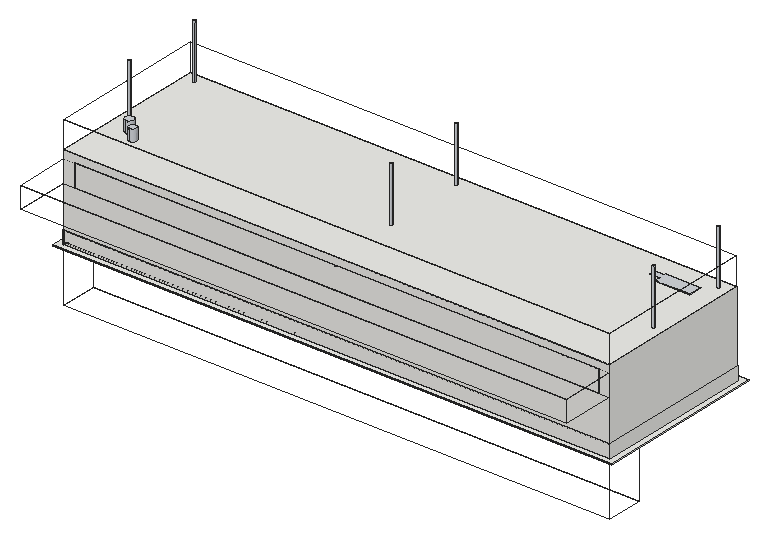
Revit family "AIRTECNICS_AIR CURTAIN_RECESSED DAM_DX_(MIDEA)123", category Equipos mecánicos, Revit 2016
Family settings
  Tipo de pieza = Normal
  Cota de conector redondo = Diámetro de uso
  Número OmniClass = 23.75.70.21.17
  Título OmniClass = Air Curtains
  Se basa en plano de trabajo = No
  Siempre vertical = Sí
  Corte con vacíos al cargar = No
  Compartido = No
  Punto de cálculo de habitación = No
Parameters (values of type "RDAM ECM 2000 DX16-MD")
  · PIPES POSITION · [instance] = "-/ Select Pipes Position /-"  # constant formula
  · OTHERS · [instance] = "-/ Select Supports - Inst.Maint. Space /-"  # constant formula
  · HEATING · = "-/ Heating /-"  # constant formula
  · EXTERNAL UNIT · [instance] = "-/ External Unit Type /-"  # constant formula
  · COIL ROWS · = "-/ DX Coil Rows /-"  # constant formula
  Weight [instance] = size_lookup(Name_Lookup_Data, "Weight", 1.00 kg, CM, CT, CH, CR)  # 95.00 kg
  WAn [instance] = 90.00°  # constant formula
  Voltage [instance] = 230 V  # constant formula
  URL_Manufacturer = "https://www.airtecnics.com"
  URL_Datasheet = "https://www.airtecnics.com/download/file/5881/recessed-dam-dx-midea-1-1.pdf"
  Triple Phase (External Ut.) [instance] = yes
  Supports Length [instance] = 200.0 mm
  Supports (Horizontal) [instance] = yes
  Single Phase (External Ut.) [instance] = not([Triple Phase (External Ut.)])  # no
  Revit Version = "Revit 2016 - English"  # constant formula
  Review Date = "11/18"  # constant formula
  Remote Control = "AIR-IR"  # constant formula
  Refrigerant Pipes_P4 [instance] = no
  Refrigerant Pipes_P3 [instance] = no
  Refrigerant Pipes_P2 [instance] = if(CW = 0, 1 = 1, 1 = 0)  # yes
  Refrigerant Pipes_P1 [instance] = no
  Product Size = if(CT = 2, "1000", if(CT = 4, "1500", if(CT = 8, "2000", if(CT = 16, "2500", if(CT = 32, "3000", "Consult Manufacturer")))))  # "2000"
  Product Reference [instance] = size_lookup(Name_Lookup_Ref, "", "Consult Manufacturer", CM, CT, CH, CR)  # "RDAM ECM 2000 DX16-MD"
  Product Heating [instance] = "Direct Expansion 1:1 system"  # constant formula
  Product Description [instance] = size_lookup(Name_Lookup_Data, "", "Consult Manufacturer", CM, CT, CH, CR)  # "Compact and low profile recessed air curtain with full grille view and energy savings heat pump: Up to 70% reduction in costs and CO2 emissions (heating mode).\r\nSelf-supporting casing construction made of galvanized steel plate, ready to be installed recessed in a false ceiling. \r\nInlet grille (free of maintenance) made with aluminium profiles and blow-out nozzle, integrated in a single white frame colour RAL 9016. Other colours are available on request. \r\nDouble-inlet centrifugal fans driven by an external rotor motor and low noise level. 5-speed selector. EC models assembled with very low consumption efficiency fans. \r\nIncludes only heating direct expansion coil with installed temperature sensors. Under request it can be modified to work in cooling and heating mode (not recomended) with optional condensate water pump.\r\nIncludes Plug&Play control with 7m RJ45 cable and infrared remote control. \r\nReady to connect to MIDEA Inverter outdoor heat pump unit (R410A) with expansion valve, not included, the customer should purchase it.\r\nRequires MIDEA DX Interface KIT adapted for air curtain and KJR-86C-E programmable control, please consult.\r\nAir Volume: 3280 m3/h \r\nFans:  0,284 kW  2,48 A 230Vx1 50/60Hz\r\nHeating capacity: 16,10 kW\r\nDimensions: 627x310x2048 mm (depth, height, length)\r\nNOT SUPPLIED BY AIRTÈCNICS:\r\nMIDEA Interface DX kit and KJR-86C-E programmable control.\r\nExternal unit:\r\nOption 1: MOD30U-48HFN1-QRD0\r\nExternal unit with direct expansion valve Midea, single phase motor 230Vx1 50Hz.\r\nHeating capacity 16,1kW. Heating power: 4,4kW. COP 3,65.\r\nCooling capacity 14,1kW. Cooling power 5,1kW. EER 2,76.\r\nCooling circuits 5/8\" - 3/8\".\r\nMaximum length 65m.\r\nMaximum slope 30m.\r\nOption 2: MOD30U-48HFN1-RRD0\r\nExternal unit with direct expansion valve Midea, triple phase motor 400Vx3 50Hz.\r\nHeating capacity 16,1kW. Heating power: 4,4kW. COP 3,65.\r\nCooling capacity 14,1kW. Cooling power 5,1kW. EER 2,76.\r\nCooling circuits 5/8\" - 3/8\".\r\nMaximum length 65m.\r\nMaximum slope 30m."
  Power Fans Factor [instance] = size_lookup(Name_Lookup_Data, "Power Fans Factor", 1, CM, CT, CH, CR)  # 0.5
  Power Fans [instance] = size_lookup(Name_Lookup_Data, "Power Fans", 1 kW, CM, CT, CH, CR)  # 0.284 kW
  Noise Level (dB(A)) [instance] = size_lookup(Name_Lookup_Data, "Noise Level (dB(A))", 1, CM, CT, CH, CR)  # 58
  Name_Lookup_Ref_EU = "R_DAM_(DX)_MD_Ref_EU_Lookup"  # constant formula
  Name_Lookup_Ref = "R_DAM_(DX)_MD_Ref_Lookup"  # constant formula
  Name_Lookup_Data3 = "R_DAM_(DX)_MD_ExpValve_Lookup"  # constant formula
  Name_Lookup_Data2 = "R_DAM_(DX)_MD_Mainfolds_Lookup"  # constant formula
  Name_Lookup_Data = "R_DAM_(DX)_MD_Data_Lookup"  # constant formula
  Material Curtain [instance] = AIRTECNICS_White RAL 9016
  Mainfolds [instance] = size_lookup(Name_Lookup_Data2, "", "Consult Manufacturer", CM, CT, CH, CR)  # "5/8 & 3/8"
  M = yes
  Li1 = 130.0 mm  # constant formula
  Length = L + 48.0 mm + Depth - Depth  # 2048.0 mm
  IfcExportType = "DXCOOLINGCOIL"  # constant formula
  IfcExportAs = "IfcCoilType"  # constant formula
  Height = 310.0 mm  # constant formula
  Heating Capacity [instance] = size_lookup(Name_Lookup_Data, "Heating Capacity", 1 kW, CM, CT, CH, CR)  # 16.1 kW
  Gas Coil Volume [instance] = size_lookup(Name_Lookup_Data, "Gas Coil Volume", 1.00 L, CM, CT, CH, CR)  # 3.10 L
  G = not(M)  # no
  Frequency = 50 Hz  # constant formula
  Fans Stage = 5  # constant formula
  Family Version = "1.0"  # constant formula
  External Ut. Reference [instance] = size_lookup(Name_Lookup_Ref_EU, "", "Consult Manufacturer", CM, CT, CH, CR, CEU)  # "MOD30U-48HFN1-RRD0"
  Expansion Valve [instance] = size_lookup(Name_Lookup_Data3, "", "Consult Manufacturer", CM, CT, CH, CR)  # "Included on External Unit"
  EC = 1 = 1  # yes
  Dn_Metric_Refrig_Liquid [instance] = size_lookup(Name_Lookup_Data2, "Dn_Liquid", 1 mm, CM, CT, CH, CR)  # 10 mm
  Dn_Metric_Refrig_Gas [instance] = size_lookup(Name_Lookup_Data2, "Dn_Gas", 1 mm, CM, CT, CH, CR)  # 16 mm
  Depth = 627.0 mm  # constant formula
  DX Kit [instance] = "Duct electronic Control Box"  # constant formula
  DX Controller [instance] = "KJR-86C-E"  # constant formula
  DX Coil Rows = 4 = no
  DX Coil Rows = 3 = not([DX Coil Rows = 4])  # yes
  DX Coil Rows [instance] = if(CR = 2, 4, if(CR = 4, 3, if(CR = 0, 2, 0)))  # 3
  DX 1:1 = yes
  Current Fans [instance] = size_lookup(Name_Lookup_Data, "Current Fans", 1 A, CM, CT, CH, CR)  # 2.48 A
  Created by = "BIMETRICAL"  # constant formula
  Control [instance] = "CD-5AW-IR"  # constant formula
  Capacity_Frig_Liquid [instance] = 0 m³/h
  Capacity_Frig_Gas [instance] = 0 m³/h
  Cable = "CB7"  # constant formula
  URL = "https://www.airtecnics.com/products/heat-pump-air-curtain-recessed-dam-dx-for-midea"
  Modelo = "Air Curtain Recessed DAM DX MD"  # constant formula
  L = 2000.0 mm
  Imagen de tipo = <Ninguno>
  Fabricante = "AIRTECNICS"  # constant formula
  Description = ""
  Comentarios de tipo = "Compact and low profile recessed air curtain with full grille view and energy savings heat pump: Up to 70% reduction in costs and CO2 emissions (heating mode).\r\nSelf-supporting casing construction made of galvanized steel plate, ready to be installed recessed in a false ceiling. \r\nInlet grille (free of maintenance) made with aluminium profiles and blow-out nozzle, integrated in a single white frame colour RAL 9016. Other colours are available on request. \r\nDouble-inlet centrifugal fans driven by an external rotor motor and low noise level. 5-speed selector. EC models assembled with very low consumption efficiency fans. \r\nIncludes only heating direct expansion coil with installed temperature sensors. Under request it can be modified to work in cooling and heating mode (not recomended) with optional condensate water pump.\r\nIncludes Plug&Play control with 7m RJ45 cable and infrared remote control. \r\nReady to connect to MIDEA Inverter outdoor heat pump unit (R410A) with expansion valve, not included, the customer should purchase it.\r\nRequires  DX Interface KIT adapted for air curtain and  programmable control, please consult."  # constant formula
  CW [instance] = if(Refrigerant Pipes_P1, 2, 0) + if(Refrigerant Pipes_P3, 4, 0) + if(Refrigerant Pipes_P4, 8, 0)  # 0
  CT = if(L = 1000.0 mm, 2, 0) + if(L = 1500.0 mm, 4, 0) + if(L = 2000.0 mm, 8, 0) + if(L = 2500.0 mm, 16, 0) + if(L = 3000.0 mm, 32, 0)  # 8
  CR [instance] = if([DX Coil Rows = 4], 2, 0) + if([DX Coil Rows = 3], 4, 0)  # 4
  CM = if(M, 2, 0) + if(EC, 4, 0) + if(G, 8, 0)  # 6
  CH [instance] = 2  # constant formula
  CEU [instance] = if([Single Phase (External Ut.)], 2, 0) + if([Triple Phase (External Ut.)], 4, 0)  # 4
  BIMETRICAL Category = "Coil"  # constant formula
  BIMETRICAL = "http://www.bimetrical.com/"  # constant formula
  Aspiration/Maintenance Space [instance] = yes
  Apparent Load [instance] = size_lookup(Name_Lookup_Data, "Apparent Load", 1 VA, CM, CT, CH, CR)  # 568 VA
  Airflow [instance] = size_lookup(Name_Lookup_Data, "Airflow", 1 m³/h, CM, CT, CH, CR)  # 3280 m³/h
Reference planes
  plane 1 "Centro (Frontal/Posterior)": z = 0
  plane 2: y = 246.57
  plane 3 "Centro (Izquierda/Derecha)": x = 0
Nested families
  nested 1: "GEOM_RECESSED DAM_(DX)" at (0, 246.57, -2) x (-1, 0, 0) z (0, 0, 1), P1 <- "Refrigerant Pipes_P1", P3 <- "Refrigerant Pipes_P3", P4 <- "Refrigerant Pipes_P4", type "BASE"
    with VAMP4 no, VAMP1 no, P4 no, P3 no, P2 yes, P1 no, C_P 2, C_L 4, CH_4 398.5 mm, CH_3 218.8 mm, CH_2 99.5 mm, CH_1 91.2 mm, CC_4 431.5 mm, CC_3 33.0 mm, CC_2 137.5 mm, CC_1 277.2 mm, AH 90.00°, AC 90.00°, N 9, L3 238.5 mm, L2 40.0 mm, L1 2048.0 mm, L 2000.0 mm, C 238.88 mm, A1 1938.0 mm
Connectors
  electrical at (819.129, 446.424, 309), driven by "Voltage", driven by "Apparent Load", driven by "Power Fans Factor"
    settings: on nested 1, index 1, voltage 230 V, apparent load 568 VA, apparent load phase1 0 VA, apparent load phase2 0 VA, apparent load phase3 0 VA, power factor 0.5, load classification "HVAC", number of poles 1, system type 30, power factor state 1, is connector primary yes, connector utility no, sub classification motor no, connector description ""
  piping at (-924, 161.57, 348), diameter 16, driven by "Capacity_Frig_Gas", driven by "Dn_Metric_Refrig_Gas"
    settings: on nested 1, index 2, connector inside diameter 609.6 mm, connector length 0.0 mm, flow factor 0, pipe flow 0 m³/h, pressure drop 0.0 Pa, fitting loss kfactor 0, connector angle 0.00°, fixture units 0, engagement length 0.0 mm, angle of deflection 0.00°, flow configuration 1, flow direction 1, fitting loss method 0, system type 7, joint type 0, gender type 0, connector reference index -1, connector utility 0, adjustable connector no, is connector primary yes, connector description "In"
  piping at (-886, 128.57, 348.2), diameter 10, driven by "Capacity_Frig_Liquid", driven by "Dn_Metric_Refrig_Liquid"
    settings: on nested 1, index 3, connector inside diameter 609.6 mm, connector length 0.0 mm, flow factor 0, pipe flow 0 m³/h, pressure drop 0.0 Pa, fitting loss kfactor 0, connector angle 0.00°, fixture units 0, engagement length 0.0 mm, angle of deflection 0.00°, flow configuration 1, flow direction 2, fitting loss method 0, system type 8, joint type 0, gender type 0, connector reference index -1, connector utility 0, adjustable connector no, is connector primary no, connector description "Out"
Definition of nested family "GEOM_RECESSED DAM_(DX)"
  Parameters (values of type "BASE")
    VSUP2 = if(and(Supports Length > 0.0 mm, L > 1000.0 mm, [Supports (Horizontal)]), 1 = 1, 1 = 0)  # yes
    VSUP1 = if(and(Supports Length > 0.0 mm, [Supports (Horizontal)]), 1 = 1, 1 = 0)  # yes
    VAMP4 [instance] = if(and(P, P4, [Aspiration/Maintenance Space]), 1 = 1, 1 = 0)  # no
    VAMP1 [instance] = if(and(P, P1, [Aspiration/Maintenance Space]), 1 = 1, 1 = 0)  # no
    Supports Length = 200.0 mm
    Supports (Horizontal) = yes
    Revit Version = "Revit 2016 - English"  # constant formula
    Review Date = "11/2018"  # constant formula
    P4 [instance] = no
    P3 [instance] = yes
    P2 [instance] = not(or(P1, P3, P4))  # no
    P1 [instance] = no
    P = 1 = 1  # yes
    Name_CH = "CH_Dimensions_LookupDX"  # constant formula
    Name_CC = "CC_Dimensions_LookupDX"  # constant formula
    N = if(L = 1000.0 mm, 5, if(L = 1500.0 mm, 7, if(L = 2000.0 mm, 9, 11)))  # 7
    Model = "RECESSED DAM (DX)"  # constant formula
    Material Curtain = none
    Manufacturer = "AIRTECNICS"  # constant formula
    L_sup = if(Supports Length = 0.0 mm, 1.0 mm, Supports Length)  # 200.0 mm
    L3 = if(L = 1000.0 mm, 227.0 mm, if(L = 1500.0 mm, 234.8 mm, if(L = 2000.0 mm, 238.5 mm, 240.8 mm)))  # 234.8 mm
    L2 = if(L = 1000.0 mm, 51.75 mm, if(L = 1500.0 mm, 46.75 mm, if(L = 2000.0 mm, 40.0 mm, 49.5 mm)))  # 46.75 mm
    L1 = L + 48.0 mm  # 1548.0 mm
    L = 1500.0 mm
    Family Version = "1.0"  # constant formula
    Created by = "BIMETRICAL"  # constant formula
    C_P [instance] = if(P1, 1, 0) + if(P2, 2, 0) + if(P3, 4, 0) + if(P4, 8, 0)  # 4
    C_L [instance] = if(L = 1500.0 mm, 2, 0) + if(L = 2000.0 mm, 4, 0) + if(L = 2500.0 mm, 8, 0)  # 2
    CH_4 [instance] = size_lookup(Name_CH, "CH_4", 398.5 mm, C_L, C_P)  # 398.5 mm
    CH_3 [instance] = size_lookup(Name_CH, "CH_3", 218.8 mm, C_L, C_P)  # 33.0 mm
    CH_2 [instance] = size_lookup(Name_CH, "CH_2", 100.5 mm, C_L, C_P)  # 1409.5 mm
    CH_1 [instance] = size_lookup(Name_CH, "CH_1", 91.2 mm, C_L, C_P)  # 277.2 mm
    CC_4 [instance] = size_lookup(Name_CC, "CC_4", 431.5 mm, C_L, C_P)  # 431.5 mm
    CC_3 [instance] = size_lookup(Name_CC, "CC_3", 33.0 mm, C_L, C_P)  # 218.8 mm
    CC_2 [instance] = size_lookup(Name_CC, "CC_2", 138.5 mm, C_L, C_P)  # 1447.5 mm
    CC_1 [instance] = size_lookup(Name_CC, "CC_1", 277.2 mm, C_L, C_P)  # 91.2 mm
    C = if(L = 1000.0 mm, 227.75 mm, if(L = 1500.0 mm, 235.1 mm, 238.88 mm))  # 235.1 mm
    BIMETRICAL = "http://www.bimetrical.com/"  # constant formula
    B1 = 1.5 mm
    B = 1.0 mm
    Aspiration/Maintenance Space = yes
    AH [instance] = size_lookup(Name_CH, "AH", 90.00°, C_L, C_P)  # 90.00°
    AC [instance] = size_lookup(Name_CC, "AC", 90.00°, C_L, C_P)  # 90.00°
    A1 = L - 62.0 mm  # 1438.0 mm
    A = 197.8 mm
  Reference planes
    plane 1 "Centro (Frontal/Posterior)": y = 0
    plane 2: z = 0
    plane 3 "Centro (Izquierda/Derecha)": x = 0
    plane 4: y = 313.5
    plane 5: y = -313.5
    plane 6: y = 290
    plane 7: y = -290
    plane 8: z = 310
    plane 9: z = 50
    plane 10: z = 2
    plane 11: x = -773.5
    plane 12: x = -750
    plane 13: x = 773.5
    plane 14: x = 750
    plane 15: y = -256
    plane 16: y = 41
    plane 17: x = -710
    plane 18: x = 710
    plane 19: y = 41
    plane 20: y = -256
    plane 21: y = 170
    plane 22: z = 25
    plane 23: z = 17
    plane 24: x = -707.5
    plane 25: x = -703.5
    plane 26: x = -705.5
    plane 27: x = -472.7
    plane 28: x = -468.7
    plane 29: x = -470.7
    plane 30: x = -237.9
    plane 31: x = -233.9
    plane 32: x = -235.9
    plane 33: x = -3.1
    plane 34: x = 0.9
    plane 35: x = -1.1
    plane 36: x = 231.7
    plane 37: x = 235.7
    plane 38: x = 233.7
    plane 39: x = 773.5
    plane 40: x = -674
    plane 41: x = -636
    plane 42: y = 85
    plane 43: y = 118
    plane 44: z = 91.2
    plane 45: z = 277.2
    plane 46: x = 466.5
    plane 47: x = 470.5
    plane 48: x = 468.5
    plane 49: x = 701.3
    plane 50: x = 705.3
    plane 51: x = 703.3
  Forms (mm)
    Sweep 1, solid, material <- "Material Curtain"
      path origin (0, 0, 0) x (1, 0, 0) y (0, 1, 0)
        loop
          line (-773.5, 313.5) -> (-773.5, -313.5) -> (773.5, -313.5) -> (773.5, 313.5) -> (-773.5, 313.5)
      profile origin (-773.5, 0, 0) x (-1, 0, 0) y (0, 0, 1)
        loop
          line (0, 0) -> (0, 2) -> (-22, 2) -> (-22, 50) -> (-23.5, 50) -> (-23.5, 0) -> (0, 0)
    Extrusion 2, solid, material <- "Material Curtain"
      sketch origin (0, 0, 0) x (1, 0, 0) y (0, 1, 0)
        loop
          line (-750, 290) -> (-750, -290) -> (750, -290) -> (750, 290) -> (-750, 290)
      from 50 to 310
    Extrusion 3, solid, visible <- "VSUP1"
      sketch origin (-1376.546, -1524, 310) x (-1, 0, 0) y (0, -1, 0)
        loop
          circle (-666.546, -1565) r 4
        loop
          circle (-666.546, -1268) r 4
        loop
          circle (-2086.546, -1268) r 4
        loop
          circle (-2086.546, -1565) r 4
      from -1 to 200
    Extrusion 4, solid, visible <- "VSUP2"
      sketch origin (-1376.546, -1524, 310) x (-1, 0, 0) y (0, -1, 0)
        loop
          circle (-1376.546, -1565) r 4
        loop
          circle (-1376.546, -1268) r 4
      from 0 to 200
    Extrusion 5, void
      sketch origin (-1802.24, 290, 1200) x (-1, 0, 0) y (0, 0, 1)
        loop
          line (-2505.49, -918.496) -> (-2505.49, -998.496) -> (-1802.24, -998.496) -> (-1098.99, -998.496) -> (-1098.99, -918.496) -> (-1802.24, -918.496) -> (-2505.49, -918.496)
      from 0 to -5
    Extrusion 6, solid
      sketch origin (-1802.24, 290, 1200) x (-1, 0, 0) y (0, 0, 1)
        loop
          line (-2505.49, -918.496) -> (-2505.49, -998.496) -> (-1802.24, -998.496) -> (-1098.99, -998.496) -> (-1098.99, -918.496) -> (-1802.24, -918.496) -> (-2505.49, -918.496)
      from 0 to -1
    Extrusion 7, solid, material <- "Material Curtain"
      sketch origin (500, 0, 0) x (1, 0, 0) y (0, 1, 0)
        loop
          line (-1203.5, 286.998) -> (-1207.5, 286.998) -> (-1207.5, -287.002) -> (-1203.5, -287.002) -> (-1203.5, 286.998)
      from 17 to 25
    Extrusion 8, solid, material <- "Material Curtain"
      sketch origin (734.8, 0, 0) x (1, 0, 0) y (0, 1, 0)
        loop
          line (-1203.5, 286.998) -> (-1207.5, 286.998) -> (-1207.5, -287.002) -> (-1203.5, -287.002) -> (-1203.5, 286.998)
      from 17 to 25
    Extrusion 9, solid, material <- "Material Curtain"
      sketch origin (969.6, 0, 0) x (1, 0, 0) y (0, 1, 0)
        loop
          line (-1203.5, 286.998) -> (-1207.5, 286.998) -> (-1207.5, -287.002) -> (-1203.5, -287.002) -> (-1203.5, 286.998)
      from 17 to 25
    Extrusion 10, solid, material <- "Material Curtain"
      sketch origin (1204.4, 0, 0) x (1, 0, 0) y (0, 1, 0)
        loop
          line (-1203.5, 286.998) -> (-1207.5, 286.998) -> (-1207.5, -287.002) -> (-1203.5, -287.002) -> (-1203.5, 286.998)
      from 17 to 25
    Extrusion 11, solid, material <- "Material Curtain"
      sketch origin (1439.2, 0, 0) x (1, 0, 0) y (0, 1, 0)
        loop
          line (-1203.5, 286.998) -> (-1207.5, 286.998) -> (-1207.5, -287.002) -> (-1203.5, -287.002) -> (-1203.5, 286.998)
      from 17 to 25
    Extrusion 12, solid, visible <- "P"
      sketch origin (-637.077, 82.636, 310.2) x (0, -1, 0) y (1, 0, 0)
        loop
          circle (-2.364, 1.077) r 15.5
      from 0 to 40
    Extrusion 13, solid, visible <- "P"
      sketch origin (-673.438, 119.477, 310) x (0, -1, 0) y (1, 0, 0)
        loop
          circle (1.477, -0.562) r 13.5
      from 0 to 40
    Extrusion 14, solid
      sketch origin (-1376.546, -1524, 310) x (-1, 0, 0) y (0, -1, 0)
        loop
          line (-830.042, -1353.296) -> (-702.542, -1353.296) -> (-702.542, -1303.996) -> (-830.042, -1303.996) -> (-830.042, -1307.996) -> (-867.042, -1307.996) -> (-867.042, -1331.296) -> (-830.042, -1331.296) -> (-830.042, -1353.296)
      from 0 to 1
    Extrusion 15, solid, visible <- "VAMP1"
      sketch origin (750, 311.264, 1200) x (0, 1, 0) y (0, 0, -1)
        loop
          line (-601.264, 890) -> (-21.264, 890) -> (-21.264, 1150) -> (-601.264, 1150) -> (-601.264, 890)
      from 0 to -100
    Extrusion 16, solid, visible <- "VAMP4"
      sketch origin (-750, 311.264, 1200) x (0, 1, 0) y (0, 0, 1)
        loop
          line (-601.264, -890) -> (-601.264, -1150) -> (-21.264, -1150) -> (-21.264, -890) -> (-601.264, -890)
      from 0 to -100
    Extrusion 17, solid, visible <- "Aspiration/Maintenance Space"
      sketch origin (-1802.24, 290, 1200) x (-1, 0, 0) y (0, 0, 1)
        loop
          line (-2552.24, -918.496) -> (-2552.24, -998.496) -> (-1052.24, -998.496) -> (-1052.24, -918.496) -> (-2552.24, -918.496)
      from 0 to 200
    Extrusion 18, solid, visible <- "Aspiration/Maintenance Space"
      sketch origin (-750, 311.264, 1200) x (0, 1, 0) y (0, 0, 1)
        loop
          line (-601.264, -890) -> (-21.264, -890) -> (-21.264, -790) -> (-601.264, -790) -> (-601.264, -890)
      from 0 to 1500
    Extrusion 19, solid, visible <- "Aspiration/Maintenance Space"
      sketch origin (750, 311.264, 1200) x (0, 1, 0) y (0, 0, -1)
        loop
          line (-21.264, 1200) -> (-21.264, 1400) -> (-157.264, 1400) -> (-157.264, 1200) -> (-21.264, 1200)
      from 0 to 1500
    Extrusion 20, solid, material <- "Material Curtain"
      sketch origin (1674, 0, 0) x (1, 0, 0) y (0, 1, 0)
        loop
          line (-1203.5, 286.998) -> (-1207.5, 286.998) -> (-1207.5, -287.002) -> (-1203.5, -287.002) -> (-1203.5, 286.998)
      from 17 to 25
    Extrusion 21, solid, material <- "Material Curtain"
      sketch origin (1908.8, 0, 0) x (1, 0, 0) y (0, 1, 0)
        loop
          line (-1203.5, 286.998) -> (-1207.5, 286.998) -> (-1207.5, -287.002) -> (-1203.5, -287.002) -> (-1203.5, 286.998)
      from 17 to 25
    Extrusion 22, solid, material <- "Material Curtain"
      sketch origin (850, 311.264, 1200) x (0, -1, 0) y (0, 0, -1)
        loop
          arc (82.767, 1195.605) -> (78.829, 1197.715) -> (74.424, 1198.456) r 13.8
          arc (74.424, 1198.456) -> (73.675, 1197.864) -> (74.325, 1197.164) r 0.65
          arc (74.325, 1197.164) -> (78.603, 1196.427) -> (82.371, 1194.27) r 12.5
          line (82.371, 1194.27) -> (97.373, 1182.759) -> (97.373, 1173.4) -> (98.673, 1173.4) -> (98.673, 1183.4) -> (82.767, 1195.605)
        loop
          arc (59.967, 1195.605) -> (56.029, 1197.715) -> (51.624, 1198.456) r 13.8
          arc (51.624, 1198.456) -> (50.875, 1197.864) -> (51.525, 1197.164) r 0.65
          arc (51.525, 1197.164) -> (55.803, 1196.427) -> (59.571, 1194.27) r 12.5
          line (59.571, 1194.27) -> (74.573, 1182.759) -> (74.573, 1173.4) -> (75.873, 1173.4) -> (75.873, 1183.4) -> (59.967, 1195.605)
        loop
          arc (151.167, 1195.605) -> (147.229, 1197.715) -> (142.824, 1198.456) r 13.8
          arc (142.824, 1198.456) -> (142.075, 1197.864) -> (142.725, 1197.164) r 0.65
          arc (142.725, 1197.164) -> (147.003, 1196.427) -> (150.771, 1194.27) r 12.5
          line (150.771, 1194.27) -> (165.773, 1182.759) -> (165.773, 1173.4) -> (167.073, 1173.4) -> (167.073, 1183.4) -> (151.167, 1195.605)
        loop
          arc (128.367, 1195.605) -> (124.429, 1197.715) -> (120.024, 1198.456) r 13.8
          arc (120.024, 1198.456) -> (119.275, 1197.864) -> (119.925, 1197.164) r 0.65
          arc (119.925, 1197.164) -> (124.203, 1196.427) -> (127.971, 1194.27) r 12.5
          line (127.971, 1194.27) -> (142.973, 1182.759) -> (142.973, 1173.4) -> (144.273, 1173.4) -> (144.273, 1183.4) -> (128.367, 1195.605)
        loop
          arc (105.567, 1195.605) -> (101.629, 1197.715) -> (97.224, 1198.456) r 13.8
          arc (97.224, 1198.456) -> (96.475, 1197.864) -> (97.125, 1197.164) r 0.65
          arc (97.125, 1197.164) -> (101.403, 1196.427) -> (105.171, 1194.27) r 12.5
          line (105.171, 1194.27) -> (120.173, 1182.759) -> (120.173, 1173.4) -> (121.473, 1173.4) -> (121.473, 1183.4) -> (105.567, 1195.605)
        loop
          arc (219.567, 1195.605) -> (215.629, 1197.715) -> (211.224, 1198.456) r 13.8
          arc (211.224, 1198.456) -> (210.475, 1197.864) -> (211.125, 1197.164) r 0.65
          arc (211.125, 1197.164) -> (215.403, 1196.427) -> (219.171, 1194.27) r 12.5
          line (219.171, 1194.27) -> (234.173, 1182.759) -> (234.173, 1173.4) -> (235.473, 1173.4) -> (235.473, 1183.4) -> (219.567, 1195.605)
        loop
          arc (196.767, 1195.605) -> (192.829, 1197.715) -> (188.424, 1198.456) r 13.8
          arc (188.424, 1198.456) -> (187.675, 1197.864) -> (188.325, 1197.164) r 0.65
          arc (188.325, 1197.164) -> (192.603, 1196.427) -> (196.371, 1194.27) r 12.5
          line (196.371, 1194.27) -> (211.373, 1182.759) -> (211.373, 1173.4) -> (212.673, 1173.4) -> (212.673, 1183.4) -> (196.767, 1195.605)
        loop
          arc (173.967, 1195.605) -> (170.029, 1197.715) -> (165.624, 1198.456) r 13.8
          arc (165.624, 1198.456) -> (164.875, 1197.864) -> (165.525, 1197.164) r 0.65
          arc (165.525, 1197.164) -> (169.803, 1196.427) -> (173.571, 1194.27) r 12.5
          line (173.571, 1194.27) -> (188.573, 1182.759) -> (188.573, 1173.4) -> (189.873, 1173.4) -> (189.873, 1183.4) -> (173.967, 1195.605)
        loop
          arc (287.967, 1195.605) -> (284.029, 1197.715) -> (279.624, 1198.456) r 13.8
          arc (279.624, 1198.456) -> (278.875, 1197.864) -> (279.525, 1197.164) r 0.65
          arc (279.525, 1197.164) -> (283.803, 1196.427) -> (287.571, 1194.27) r 12.5
          line (287.571, 1194.27) -> (302.573, 1182.759) -> (302.573, 1173.4) -> (303.873, 1173.4) -> (303.873, 1183.4) -> (287.967, 1195.605)
        loop
          arc (265.167, 1195.605) -> (261.229, 1197.715) -> (256.824, 1198.456) r 13.8
          arc (256.824, 1198.456) -> (256.075, 1197.864) -> (256.725, 1197.164) r 0.65
          arc (256.725, 1197.164) -> (261.003, 1196.427) -> (264.771, 1194.27) r 12.5
          line (264.771, 1194.27) -> (279.773, 1182.759) -> (279.773, 1173.4) -> (281.073, 1173.4) -> (281.073, 1183.4) -> (265.167, 1195.605)
        loop
          arc (242.367, 1195.605) -> (238.429, 1197.715) -> (234.024, 1198.456) r 13.8
          arc (234.024, 1198.456) -> (233.275, 1197.864) -> (233.925, 1197.164) r 0.65
          arc (233.925, 1197.164) -> (238.203, 1196.427) -> (241.971, 1194.27) r 12.5
          line (241.971, 1194.27) -> (256.973, 1182.759) -> (256.973, 1173.4) -> (258.273, 1173.4) -> (258.273, 1183.4) -> (242.367, 1195.605)
        loop
          arc (356.367, 1195.605) -> (352.429, 1197.715) -> (348.024, 1198.456) r 13.8
          arc (348.024, 1198.456) -> (347.275, 1197.864) -> (347.925, 1197.164) r 0.65
          arc (347.925, 1197.164) -> (352.203, 1196.427) -> (355.971, 1194.27) r 12.5
          line (355.971, 1194.27) -> (370.973, 1182.759) -> (370.973, 1173.4) -> (372.273, 1173.4) -> (372.273, 1183.4) -> (356.367, 1195.605)
        loop
          arc (333.567, 1195.605) -> (329.629, 1197.715) -> (325.224, 1198.456) r 13.8
          arc (325.224, 1198.456) -> (324.475, 1197.864) -> (325.125, 1197.164) r 0.65
          arc (325.125, 1197.164) -> (329.403, 1196.427) -> (333.171, 1194.27) r 12.5
          line (333.171, 1194.27) -> (348.173, 1182.759) -> (348.173, 1173.4) -> (349.473, 1173.4) -> (349.473, 1183.4) -> (333.567, 1195.605)
        loop
          arc (310.767, 1195.605) -> (306.829, 1197.715) -> (302.424, 1198.456) r 13.8
          arc (302.424, 1198.456) -> (301.675, 1197.864) -> (302.325, 1197.164) r 0.65
          arc (302.325, 1197.164) -> (306.603, 1196.427) -> (310.371, 1194.27) r 12.5
          line (310.371, 1194.27) -> (325.373, 1182.759) -> (325.373, 1173.4) -> (326.673, 1173.4) -> (326.673, 1183.4) -> (310.767, 1195.605)
        loop
          arc (424.767, 1195.605) -> (420.829, 1197.715) -> (416.424, 1198.456) r 13.8
          arc (416.424, 1198.456) -> (415.675, 1197.864) -> (416.325, 1197.164) r 0.65
          arc (416.325, 1197.164) -> (420.603, 1196.427) -> (424.371, 1194.27) r 12.5
          line (424.371, 1194.27) -> (439.373, 1182.759) -> (439.373, 1173.4) -> (440.673, 1173.4) -> (440.673, 1183.4) -> (424.767, 1195.605)
        loop
          arc (401.967, 1195.605) -> (398.029, 1197.715) -> (393.624, 1198.456) r 13.8
          arc (393.624, 1198.456) -> (392.875, 1197.864) -> (393.525, 1197.164) r 0.65
          arc (393.525, 1197.164) -> (397.803, 1196.427) -> (401.571, 1194.27) r 12.5
          line (401.571, 1194.27) -> (416.573, 1182.759) -> (416.573, 1173.4) -> (417.873, 1173.4) -> (417.873, 1183.4) -> (401.967, 1195.605)
        loop
          arc (379.167, 1195.605) -> (375.229, 1197.715) -> (370.824, 1198.456) r 13.8
          arc (370.824, 1198.456) -> (370.075, 1197.864) -> (370.725, 1197.164) r 0.65
          arc (370.725, 1197.164) -> (375.003, 1196.427) -> (378.771, 1194.27) r 12.5
          line (378.771, 1194.27) -> (393.773, 1182.759) -> (393.773, 1173.4) -> (395.073, 1173.4) -> (395.073, 1183.4) -> (379.167, 1195.605)
        loop
          arc (447.567, 1195.605) -> (443.629, 1197.715) -> (439.224, 1198.456) r 13.8
          arc (439.224, 1198.456) -> (438.475, 1197.864) -> (439.125, 1197.164) r 0.65
          arc (439.125, 1197.164) -> (443.403, 1196.427) -> (447.171, 1194.27) r 12.5
          line (447.171, 1194.27) -> (462.173, 1182.759) -> (462.173, 1173.4) -> (463.473, 1173.4) -> (463.473, 1183.4) -> (447.567, 1195.605)
        loop
          arc (493.167, 1195.605) -> (489.229, 1197.715) -> (484.824, 1198.456) r 13.8
          arc (484.824, 1198.456) -> (484.075, 1197.864) -> (484.725, 1197.164) r 0.65
          arc (484.725, 1197.164) -> (489.003, 1196.427) -> (492.771, 1194.27) r 12.5
          line (492.771, 1194.27) -> (507.773, 1182.759) -> (507.773, 1173.4) -> (509.073, 1173.4) -> (509.073, 1153) -> (512.073, 1153) -> (512.073, 1198.4) -> (509.073, 1198.4) -> (509.073, 1183.4) -> (493.167, 1195.605)
        loop
          arc (470.367, 1195.605) -> (466.429, 1197.715) -> (462.024, 1198.456) r 13.8
          arc (462.024, 1198.456) -> (461.275, 1197.864) -> (461.925, 1197.164) r 0.65
          arc (461.925, 1197.164) -> (466.203, 1196.427) -> (469.971, 1194.27) r 12.5
          line (469.971, 1194.27) -> (484.973, 1182.759) -> (484.973, 1173.4) -> (486.273, 1173.4) -> (486.273, 1183.4) -> (470.367, 1195.605)
        loop
          arc (37.167, 1195.605) -> (33.229, 1197.715) -> (28.824, 1198.456) r 13.8
          arc (28.824, 1198.456) -> (28.075, 1197.864) -> (28.725, 1197.164) r 0.65
          arc (28.725, 1197.164) -> (33.003, 1196.427) -> (36.771, 1194.27) r 12.5
          line (36.771, 1194.27) -> (51.773, 1182.759) -> (51.773, 1173.4) -> (53.073, 1173.4) -> (53.073, 1183.4) -> (37.167, 1195.605)
        loop
          line (523.813, 1198.4) -> (523.813, 1173.4) -> (526.813, 1173.4) -> (526.813, 1198.4) -> (523.813, 1198.4)
        loop
          line (538.553, 1198.4) -> (538.553, 1173.4) -> (541.553, 1173.4) -> (541.553, 1198.4) -> (538.553, 1198.4)
        loop
          line (553.293, 1198.4) -> (553.293, 1173.4) -> (556.293, 1173.4) -> (556.293, 1198.4) -> (553.293, 1198.4)
        loop
          line (568.033, 1198.4) -> (568.033, 1182.616) -> (568.033, 1175.384) -> (568.033, 1173.4) -> (571.033, 1173.4) -> (571.033, 1174.75) -> (571.033, 1183.25) -> (571.033, 1198.4) -> (568.033, 1198.4)
        loop
          line (582.768, 1198.4) -> (582.768, 1175) -> (582.768, 1153) -> (585.768, 1153) -> (585.768, 1175) -> (585.768, 1198.4) -> (582.768, 1198.4)
      from -1600 to -100
  Cuts and joins
    Extrusion 5 cuts Extrusion 2
  Lines and regions (mm)
    symbolic lines
      curve 1: line (-773.5, 313.5, 310) -> (773.5, 313.5, 310)
      curve 2: line (-773.5, -313.5, 310) -> (-773.5, 313.5, 310)
      curve 3: line (773.5, -313.5, 310) -> (-773.5, -313.5, 310)
      curve 4: line (773.5, 313.5, 310) -> (773.5, -313.5, 310)
      curve 5: line (750, -290, 310) -> (-750, -290, 310)
      curve 6: line (750, 290, 310) -> (750, -290, 310)
      curve 7: line (-750, 290, 310) -> (750, 290, 310)
      curve 8: line (-750, -290, 310) -> (-750, 290, 310)
    reference lines
      curve 9: line (-674, 118, 91.2) -> (-674, 118, 310)
      curve 10: line (-636, 85, 277.2) -> (-636, 85, 310.2)
    symbolic lines, visible <- "VAMP4"
      curve 11: line (-750, -290, 310) -> (-850, -290, 310)
      curve 12: line (-850, -290, 310) -> (-850, 290, 310)
      curve 13: line (-850, 290, 310) -> (-750, 290, 310)
      curve 23: line (-750, 0, 50) -> (-850, 0, 50)
      curve 24: line (-850, 0, 50) -> (-850, 0, 310)
      curve 25: line (-850, 0, 310) -> (-750, 0, 310)
    symbolic lines, visible <- "VAMP1"
      curve 14: line (750, 290, 310) -> (850, 290, 310)
      curve 15: line (850, 290, 310) -> (850, -290, 310)
      curve 16: line (850, -290, 310) -> (750, -290, 310)
      curve 20: line (750, 0, 310) -> (850, 0, 310)
      curve 21: line (850, 0, 310) -> (850, 0, 50)
      curve 22: line (850, 0, 50) -> (750, 0, 50)
    symbolic lines, visible <- "Aspiration/Maintenance Space"
      curve 17: line (-750, 290, 310) -> (-750, 490, 310)
      curve 18: line (-750, 490, 310) -> (750, 490, 310)
      curve 19: line (750, 490, 310) -> (750, 290, 310)
      curve 26: line (-750, 0, 0) -> (-750, 0, -200)
      curve 27: line (-750, 0, -200) -> (750, 0, -200)
      curve 28: line (750, 0, -200) -> (750, 0, 0)
      curve 29: line (-750, 0, 310) -> (-750, 0, 410)
      curve 30: line (-750, 0, 410) -> (750, 0, 410)
      curve 31: line (750, 0, 410) -> (750, 0, 310)
      curve 32: line (750, 289, 281.504) -> (750, 490, 281.504)
      curve 33: line (750, 490, 281.504) -> (750, 490, 201.504)
      curve 34: line (750, 490, 201.504) -> (750, 290, 201.504)
      curve 35: line (750, 290, 310) -> (750, 290, 410)
      curve 36: line (750, 290, 410) -> (750, -290, 410)
      curve 37: line (750, -290, 410) -> (750, -290, 310)
      curve 38: line (750, 290, 0) -> (750, 290, -200)
      curve 39: line (750, 290, -200) -> (750, 154, -200)
      curve 40: line (750, 154, -200) -> (750, 154, 0)
    symbolic lines, visible <- "VSUP1"
      curve 41: circle (-710, 41, 310) r 4 normal (0, 0, 1)
      curve 42: circle (-710, -256, 310) r 4 normal (0, 0, 1)
      curve 43: circle (710, -256, 310) r 4 normal (0, 0, 1)
      curve 44: circle (710, 41, 310) r 4 normal (0, 0, 1)
    symbolic lines, visible <- "VSUP2"
      curve 45: circle (0, 41, 310) r 4 normal (0, 0, 1)
      curve 46: circle (0, -256, 310) r 4 normal (0, 0, 1)
  Dimensions and locks
    locked: plane 4 to plane 6 at 23.5
    locked: plane 5 to plane 7 at 23.5
    locked: plane 11 to plane 12 at 23.5
    locked: plane 13 to plane 14 at 23.5
    equal spacing: plane 12, plane 3 "Centro (Izquierda/Derecha)", plane 14
    "L": plane 12 to plane 14
    equal spacing: plane 4, plane 1 "Centro (Frontal/Posterior)", plane 5
    locked: plane 5 to plane 4 at 627
    locked: plane 9 to level at 50
    locked: plane 8 to level at 310
    locked: plane 7 to plane 15 at 34
    locked: plane 16 to plane 15 at 297
    locked: plane 12 to plane 17 at 40
    locked: plane 18 to plane 14 at 40
    locked: plane 20 to plane 7 at 34
    locked: plane 19 to plane 20 at 297
    "Supports Length": Extrusion 3 to plane 8
    "Supports Length": Extrusion 4 to plane 8
    plane 8 to plane 9 = 260.0 mm
    plane 4 to plane 5 = 627.0 mm
    locked: plane 6 to plane 21 at 120
    "L2": Extrusion 5 sketch curve to plane 14
    Extrusion 5 sketch curve to plane 8 = 28.496 mm
    plane 4 to plane 1 "Centro (Frontal/Posterior)" to plane 5 = 313.5 mm, 313.5 mm
    locked: Extrusion 5 sketch curve to Extrusion 5 sketch curve at 80
    locked: plane 9 to Extrusion 6 sketch curve at 151.504
    locked: Extrusion 6 sketch curve to plane 8 at 28.496
    Extrusion 6 sketch curve to Extrusion 6 sketch curve = 80.0 mm
    equal spacing: plane 24, plane 26, plane 25
    locked: plane 12 to plane 26 at 44.5
    equal spacing: plane 27, plane 29, plane 28
    equal spacing: group 1, group 2, group 3, group 4, group 5, group 6, group 7  (x3)
    equal spacing: plane 30, plane 32, plane 31
    "L3": plane 26 to plane 29
    equal spacing: plane 33, plane 35, plane 34
    equal spacing: plane 36, plane 38, plane 37
    locked: plane 14 to plane 39 at 23.5
    "CH_2": plane 41 to plane 39
    "CC_2": plane 40 to plane 39
    "CC_4": plane 5 to plane 43
    "CH_4": plane 5 to plane 42
    "CH_1": level to plane 45
    "CC_1": level to plane 44
    "CC_3": curve 9 to curve 9
    "CH_3": curve 10 to curve 10
    Sweep 1 to Extrusion 14 sketch curve to Extrusion 14 sketch curve to Extrusion 14 sketch curve = 99.496 mm locked, 127.5 mm locked, 37.0 mm locked
    locked: Extrusion 18 sketch curve to Extrusion 18 sketch curve at 100
    locked: Extrusion 19 sketch curve to Extrusion 19 sketch curve at 136
    locked: level to Extrusion 19 sketch curve at 200
    equal spacing: Extrusion 5 sketch curve, plane 3 "Centro (Izquierda/Derecha)", Extrusion 5 sketch curve
    equal spacing: Extrusion 6 sketch curve, plane 3 "Centro (Izquierda/Derecha)", Extrusion 6 sketch curve
    "L2": Extrusion 6 sketch curve to plane 14
    equal spacing: plane 46, plane 48, plane 47
    equal spacing: plane 49, plane 51, plane 50
    diameter of Extrusion 12 sketch curve = 31.0 mm
    diameter of Extrusion 13 sketch curve = 27.0 mm
    "AC": angle plane 44 to curve 9
    "AH": angle plane 45 to curve 10
    aligned and locked: level to plane 2
    aligned and locked: Sweep 1 sketch curve to plane 4
    aligned and locked: plane 11 to Sweep 1 sketch curve
    aligned and locked: Sweep 1 sketch curve to plane 5
    aligned and locked: Sweep 1 sketch curve to plane 13
    aligned and locked: Extrusion 2 sketch curve to plane 6
    aligned and locked: plane 12 to Extrusion 2 sketch curve
    aligned and locked: Extrusion 2 sketch curve to plane 7
    aligned and locked: plane 14 to Extrusion 2 sketch curve
    aligned and locked: Extrusion 2 to plane 9
    aligned and locked: plane 17 to Extrusion 3 sketch curve  (x2)
    aligned and locked: plane 18 to Extrusion 3 sketch curve  (x2)
    aligned and locked: Extrusion 3 sketch curve to plane 16
    aligned and locked: Extrusion 3 sketch curve to plane 15
    aligned and locked: plane 15 to Extrusion 3 sketch curve
    aligned and locked: plane 16 to Extrusion 3 sketch curve
    aligned and locked: plane 3 "Centro (Izquierda/Derecha)" to Extrusion 4 sketch curve  (x2)
    aligned and locked: plane 20 to Extrusion 4 sketch curve
    aligned and locked: plane 19 to Extrusion 4 sketch curve
    aligned and locked: plane 12 to Sweep 1 sketch curve
    aligned and locked: curve 5 to Sweep 1
    aligned and locked: curve 6 to Sweep 1
    aligned and locked: curve 7 to Sweep 1
    aligned and locked: curve 8 to Sweep 1
    aligned and locked: curve 1 to plane 4
    aligned and locked: Extrusion 7 to plane 22
    aligned and locked: plane 23 to Extrusion 7
    aligned and locked: plane 24 to Extrusion 7
    aligned and locked: plane 25 to Extrusion 7
    aligned and locked: plane 27 to Extrusion 8
    aligned and locked: plane 28 to Extrusion 8
    aligned and locked: plane 30 to Extrusion 9
    aligned and locked: plane 31 to Extrusion 9
    aligned and locked: plane 33 to Extrusion 10
    aligned and locked: plane 34 to Extrusion 10
    aligned and locked: plane 36 to Extrusion 11
    aligned and locked: plane 37 to Extrusion 11
    aligned and locked: plane 44 to curve 9
    aligned and locked: plane 40 to curve 9
    aligned and locked: plane 45 to curve 10
    aligned and locked: plane 41 to curve 10
    aligned and locked: Extrusion 15 sketch curve to cut or joined group of Extrusion 2, Extrusion 5  (x3)
    aligned and locked: Extrusion 15 sketch curve to Sweep 1
    aligned and locked: curve 12 to Extrusion 16
    aligned and locked: curve 15 to Extrusion 15
    aligned and locked: plane 12 to Extrusion 17 sketch curve
    aligned and locked: plane 14 to Extrusion 17 sketch curve
    aligned and locked: Extrusion 17 sketch curve to Extrusion 6  (x2)
    aligned and locked: plane 7 to Extrusion 18 sketch curve
    aligned and locked: plane 6 to Extrusion 18 sketch curve
    aligned and locked: Extrusion 18 to plane 14
    aligned and locked: Extrusion 19 to plane 12
    aligned and locked: curve 19 to Extrusion 17
    aligned and locked: curve 17 to Extrusion 17
    aligned and locked: curve 24 to Extrusion 16
    aligned and locked: curve 21 to Extrusion 15
    aligned and locked: Extrusion 19 to plane 14
    aligned and locked: curve 26 to plane 12
    aligned and locked: Extrusion 17 to curve 33
    aligned and locked: curve 35 to Extrusion 18
    aligned and locked: curve 37 to Extrusion 18
    aligned and locked: curve 41 to Extrusion 3
    aligned and locked: curve 42 to Extrusion 3
    aligned and locked: curve 43 to Extrusion 3
    aligned and locked: curve 44 to Extrusion 3
    aligned and locked: curve 45 to Extrusion 4
    aligned and locked: curve 46 to Extrusion 4
    aligned and locked: plane 46 to Extrusion 20
    aligned and locked: plane 47 to Extrusion 20
    aligned and locked: plane 49 to Extrusion 21
    aligned and locked: plane 50 to Extrusion 21
    aligned and locked: Extrusion 22 to plane 14
    aligned and locked: Extrusion 22 to plane 12
    aligned and locked: curve 34 to Extrusion 17
    aligned and locked: curve 32 to Extrusion 17
  Automatic sketch dimensions
    Extrusion 7 sketch curve to Extrusion 7 sketch curve = 4.0 mm
    Extrusion 7 sketch curve to plane 24 = 0.0 mm
    Extrusion 7 sketch curve to Extrusion 7 sketch curve = 574.0 mm
    Extrusion 8 sketch curve to Extrusion 8 sketch curve = 4.0 mm
    Extrusion 8 sketch curve to plane 27 = 0.0 mm
    Extrusion 8 sketch curve to Extrusion 8 sketch curve = 574.0 mm
    Extrusion 9 sketch curve to Extrusion 9 sketch curve = 4.0 mm
    Extrusion 9 sketch curve to plane 30 = 0.0 mm
    Extrusion 9 sketch curve to Extrusion 9 sketch curve = 574.0 mm
    Extrusion 10 sketch curve to Extrusion 10 sketch curve = 4.0 mm
    Extrusion 10 sketch curve to plane 33 = 0.0 mm
    Extrusion 10 sketch curve to Extrusion 10 sketch curve = 574.0 mm
    Extrusion 11 sketch curve to Extrusion 11 sketch curve = 4.0 mm
    Extrusion 11 sketch curve to plane 36 = 0.0 mm
    Extrusion 11 sketch curve to Extrusion 11 sketch curve = 574.0 mm
    Extrusion 18 sketch curve to plane 8 = 0.0 mm
    curve 30 to plane 12 = 0.0 mm
    curve 23 to plane 9 = 0.0 mm
    curve 23 to plane 12 = 0.0 mm
    plane 14 to curve 30 = 0.0 mm
    plane 14 to curve 27 = 0.0 mm
    curve 22 to plane 9 = 0.0 mm
    plane 14 to curve 22 = 0.0 mm
    curve 26 to level = 0.0 mm
    curve 28 to level = 0.0 mm
    curve 25 to plane 8 = 0.0 mm
    curve 20 to plane 8 = 0.0 mm
    curve 26 to level = 200.0 mm
    curve 20 to curve 30 = 100.0 mm
    Sweep 1 sketch curve to profile plane = 0.0 mm
    Sweep 1 sketch curve to level = 0.0 mm
    Sweep 1 sketch curve to Sweep 1 sketch curve = 1.5 mm
    level to Sweep 1 sketch curve = 2.0 mm
    Sweep 1 sketch curve to Sweep 1 sketch curve = 48.0 mm
    plane 5 to curve 3 = 0.0 mm
    curve 3 to plane 13 = 0.0 mm
    curve 2 to plane 11 = 0.0 mm
    plane 4 to curve 17 = 176.5 mm
    Extrusion 14 sketch curve to Extrusion 14 sketch curve = 0.0 mm
    Extrusion 14 sketch curve to plane 7 = 119.296 mm
    Extrusion 14 sketch curve to Extrusion 14 sketch curve = 22.0 mm
    Extrusion 14 sketch curve to Extrusion 14 sketch curve = 23.3 mm
    Extrusion 14 sketch curve to Extrusion 14 sketch curve = 49.3 mm
    Extrusion 16 sketch curve to plane 7 = 0.0 mm
    Extrusion 16 sketch curve to plane 6 = 0.0 mm
    Extrusion 16 sketch curve to plane 9 = 0.0 mm
    Extrusion 16 sketch curve to plane 8 = 0.0 mm
    Extrusion 19 sketch curve to level = 0.0 mm
    Extrusion 19 sketch curve to plane 6 = 0.0 mm
    curve 40 to level = 0.0 mm
    curve 34 to plane 6 = 0.0 mm
    curve 39 to plane 6 = 0.0 mm
    curve 38 to level = 0.0 mm
    curve 35 to plane 8 = 0.0 mm
    curve 37 to plane 8 = 0.0 mm
    plane 21 to curve 39 = 16.0 mm
    level to curve 40 = 200.0 mm
    curve 35 to curve 35 = 100.0 mm
    plane 6 to curve 32 = 1.0 mm
    Extrusion 20 sketch curve to Extrusion 20 sketch curve = 4.0 mm
    Extrusion 20 sketch curve to plane 46 = 0.0 mm
    Extrusion 20 sketch curve to Extrusion 20 sketch curve = 574.0 mm
    Extrusion 21 sketch curve to Extrusion 21 sketch curve = 4.0 mm
    Extrusion 21 sketch curve to plane 49 = 0.0 mm
    Extrusion 21 sketch curve to Extrusion 21 sketch curve = 574.0 mm
    Extrusion 22 sketch curve to Extrusion 15 = 15.496 mm
    Extrusion 22 sketch curve to Extrusion 22 sketch curve = 3.0 mm  (x7)
    Extrusion 22 sketch curve to Extrusion 22 sketch curve = 11.735 mm
    Extrusion 22 sketch curve to Extrusion 22 sketch curve = 11.74 mm  (x4)
    Extrusion 15 to Extrusion 22 sketch curve = 3.0 mm  (x2)
    Extrusion 22 sketch curve to Extrusion 22 sketch curve = 1.3 mm  (x21)
    Extrusion 15 to Extrusion 22 sketch curve = 45.605 mm  (x17)
    Extrusion 22 sketch curve to Extrusion 22 sketch curve = 15.906 mm
    Extrusion 15 to Extrusion 22 sketch curve = 44.27 mm  (x17)
    Extrusion 22 sketch curve to Extrusion 22 sketch curve = 0.397 mm  (x21)
    Extrusion 15 to Extrusion 22 sketch curve = 33.4 mm  (x5)
    Extrusion 22 sketch curve to Extrusion 22 sketch curve = 6.498 mm  (x12)
    Extrusion 15 to Extrusion 22 sketch curve = 32.759 mm  (x6)
    Extrusion 22 sketch curve to Extrusion 22 sketch curve = 0.201 mm  (x20)
    Extrusion 22 sketch curve to Extrusion 22 sketch curve = 0.006 mm  (x21)
    Extrusion 22 sketch curve to Extrusion 22 sketch curve = 8.444 mm  (x20)
    Extrusion 22 sketch curve to Extrusion 22 sketch curve = 14.356 mm  (x20)
    Extrusion 22 sketch curve to Extrusion 22 sketch curve = 21.5 mm  (x8)
    Extrusion 22 sketch curve to Extrusion 15 = 7.508 mm
    Extrusion 22 sketch curve to Extrusion 15 = 7.459 mm
    Extrusion 22 sketch curve to Extrusion 22 sketch curve = 2.209 mm  (x21)
    Extrusion 15 to Extrusion 22 sketch curve = 47.814 mm
    Extrusion 22 sketch curve to Extrusion 22 sketch curve = 3.544 mm
    Extrusion 22 sketch curve to Extrusion 22 sketch curve = 0.0 mm  (x8)
    Extrusion 15 to Extrusion 22 sketch curve = 48.4 mm
    Extrusion 22 sketch curve to Extrusion 22 sketch curve = 2.795 mm
    Extrusion 22 sketch curve to Extrusion 22 sketch curve = 1.334 mm  (x4)
    Extrusion 22 sketch curve to Extrusion 22 sketch curve = 1.906 mm  (x6)
    Extrusion 22 sketch curve to Extrusion 22 sketch curve = 9.606 mm  (x12)
    Extrusion 22 sketch curve to Extrusion 22 sketch curve = 1.264 mm  (x3)
    Extrusion 22 sketch curve to Extrusion 22 sketch curve = 0.008 mm  (x21)
    Extrusion 22 sketch curve to Extrusion 22 sketch curve = 1.257 mm  (x11)
    Extrusion 22 sketch curve to Extrusion 22 sketch curve = 0.641 mm  (x19)
    Extrusion 22 sketch curve to Extrusion 22 sketch curve = 15.0 mm
    Extrusion 22 sketch curve to Extrusion 22 sketch curve = 15.15 mm
    Extrusion 22 sketch curve to Extrusion 22 sketch curve = 0.634 mm  (x2)
    Extrusion 22 sketch curve to Extrusion 22 sketch curve = 7.231 mm
    Extrusion 22 sketch curve to Extrusion 22 sketch curve = 8.25 mm
    Extrusion 22 sketch curve to Extrusion 22 sketch curve = 9.359 mm  (x21)
    Extrusion 15 to Extrusion 22 sketch curve = 23.4 mm
    Extrusion 22 sketch curve to Extrusion 22 sketch curve = 1.984 mm
    Extrusion 22 sketch curve to Extrusion 22 sketch curve = 1.35 mm
    Extrusion 22 sketch curve to Extrusion 22 sketch curve = 0.101 mm  (x21)
    plane 42 to Extrusion 12 sketch curve = 0.0 mm
    plane 43 to Extrusion 13 sketch curve = 0.0 mm
    Extrusion 12 sketch curve to plane 41 = 0.0 mm
    Extrusion 13 sketch curve to plane 40 = 0.0 mm
    Extrusion 5 sketch curve to plane 3 "Centro (Izquierda/Derecha)" = 0.0 mm  (x2)
    Extrusion 6 sketch curve to plane 3 "Centro (Izquierda/Derecha)" = 0.0 mm  (x2)
    radius of Extrusion 3 sketch curve = 4.0 mm  (x4)
    radius of Extrusion 4 sketch curve = 4.0 mm  (x2)
Types (8, lengths in mm): name | Weight | Product Size | Product Reference | Product Description | Power Fans | Noise Level (dB(A)) | M | Length | Heating Capacity | Gas Coil Volume | G | External Ut. Reference | DX Coil Rows = 4 | DX Coil Rows = 3 | DX Coil Rows | Current Fans | L | CT | CR | CM | Apparent Load | Airflow
  RDAM ECG 2500 DX29/2-MD | 114.00 kg | "2500" | "RDAM ECG 2500 DX29/2-MD" | "Compact and low profile recessed air curtain with full grille view and energy savings heat pump: Up to 70% reduction in costs and CO2 emissions (heating mode).\r\nSelf-supporting casing construction made of galvanized steel plate, ready to be installed recessed in a false ceiling. \r\nInlet grille (free of maintenance) made with aluminium profiles and blow-out nozzle, integrated in a single white frame colour RAL 9016. Other colours are available on request. \r\nDouble-inlet centrifugal fans driven by an external rotor motor and low noise level. 5-speed selector. EC models assembled with very low consumption efficiency fans. \r\nIncludes only heating direct expansion coil with installed temperature sensors. Under request it can be modified to work in cooling and heating mode (not recomended) with optional condensate water pump.\r\nIncludes Plug&Play control with 7m RJ45 cable and infrared remote control. \r\nReady to connect to MIDEA Inverter outdoor heat pump unit (R410A) with expansion valve, not included, the customer should purchase it.\r\nRequires MIDEA DX Interface KIT adapted for air curtain and KJR-86C-E programmable control, please consult.\r\nAir Volume: 5110 m3/h \r\nFans:  0,497 kW  4,34 A 230Vx1 50/60Hz\r\nHeating capacity: 28,89 kW\r\nDimensions: 627x310x2548 mm (depth, height, length)\r\nNOT SUPPLIED BY AIRTÈCNICS:\r\nMIDEA Interface DX kit and KJR-86C-E programmable control.\r\nExternal unit:\r\nOption 1: 2x MOD30U-48HFN1-QRD0\r\nExternal unit with direct expansion valve Midea, single phase motor 230Vx1 50Hz.\r\nHeating capacity 16,1kW. Heating power: 4,4kW. COP 3,65.\r\nCooling capacity 14,1kW. Cooling power 5,1kW. EER 2,76.\r\nCooling circuits 5/8\" - 3/8\".\r\nMaximum length 65m.\r\nMaximum slope 30m.\r\nOption 2: 2x MOD30U-48HFN1-RRD0\r\nExternal unit with direct expansion valve Midea, triple phase motor 400Vx3 50Hz.\r\nHeating capacity 16,1kW. Heating power: 4,4kW. COP 3,65.\r\nCooling capacity 14,1kW. Cooling power 5,1kW. EER 2,76.\r\nCooling circuits 5/8\" - 3/8\".\r\nMaximum length 65m.\r\nMaximum slope 30m." | 0.497 kW | 64 | no | 2548.0 | 28.89 kW | 5.30 L | yes | "2x MOD30U-48HFN1-RRD0" | yes | no | 4 | 4.34 A | 2500.0 | 16 | 2 | 12 | 994 VA | 5110 m³/h
  RDAM ECG 2000 DX22/2-MD | 105.00 kg | "2000" | "RDAM ECG 2000 DX22/2-MD" | "Compact and low profile recessed air curtain with full grille view and energy savings heat pump: Up to 70% reduction in costs and CO2 emissions (heating mode).\r\nSelf-supporting casing construction made of galvanized steel plate, ready to be installed recessed in a false ceiling. \r\nInlet grille (free of maintenance) made with aluminium profiles and blow-out nozzle, integrated in a single white frame colour RAL 9016. Other colours are available on request. \r\nDouble-inlet centrifugal fans driven by an external rotor motor and low noise level. 5-speed selector. EC models assembled with very low consumption efficiency fans. \r\nIncludes only heating direct expansion coil with installed temperature sensors. Under request it can be modified to work in cooling and heating mode (not recomended) with optional condensate water pump.\r\nIncludes Plug&Play control with 7m RJ45 cable and infrared remote control. \r\nReady to connect to MIDEA Inverter outdoor heat pump unit (R410A) with expansion valve, not included, the customer should purchase it.\r\nRequires MIDEA DX Interface KIT adapted for air curtain and KJR-86C-E programmable control, please consult.\r\nAir Volume: 4380 m3/h \r\nFans:  0,426 kW  3,72 A 230Vx1 50/60Hz\r\nHeating capacity: 22,20 kW\r\nDimensions: 627x310x2048 mm (depth, height, length)\r\nNOT SUPPLIED BY AIRTÈCNICS:\r\nMIDEA Interface DX kit and KJR-86C-E programmable control.\r\nExternal unit:\r\nOption 1: 2x MOD30U-36HFN1-QRD0\r\nExternal unit with direct expansion valve Midea, single phase motor 230Vx1 50Hz.\r\nHeating capacity 11,1kW. Heating power: 2,9kW. SCOP 3,82.\r\nCooling capacity 10,5kW. Cooling power 3,95kW. SEER 2,65.\r\nCooling circuits 5/8\" - 3/8\".\r\nMaximum length 65m.\r\nMaximum slope 30m.\r\nOption 2: 2x MOD30U-36HFN1-RRD0\r\nExternal unit with direct expansion valve Midea, triple phase motor 400Vx3 50Hz.\r\nHeating capacity 11,1kW. Heating power: 2,9kW. SCOP 3,82.\r\nCooling capacity 10,5kW. Cooling power 3,95kW. SEER 2,65.\r\nCooling circuits 5/8\" - 3/8\".\r\nMaximum length 65m.\r\nMaximum slope 30m." | 0.426 kW | 63 | no | 2048.0 | 22.2 kW | 4.10 L | yes | "2x MOD30U-36HFN1-RRD0" | yes | no | 4 | 3.72 A | 2000.0 | 8 | 2 | 12 | 852 VA | 4380 m³/h
  RDAM ECG 2000 DX18-MD | 105.00 kg | "2000" | "RDAM ECG 2000 DX18-MD" | "Compact and low profile recessed air curtain with full grille view and energy savings heat pump: Up to 70% reduction in costs and CO2 emissions (heating mode).\r\nSelf-supporting casing construction made of galvanized steel plate, ready to be installed recessed in a false ceiling. \r\nInlet grille (free of maintenance) made with aluminium profiles and blow-out nozzle, integrated in a single white frame colour RAL 9016. Other colours are available on request. \r\nDouble-inlet centrifugal fans driven by an external rotor motor and low noise level. 5-speed selector. EC models assembled with very low consumption efficiency fans. \r\nIncludes only heating direct expansion coil with installed temperature sensors. Under request it can be modified to work in cooling and heating mode (not recomended) with optional condensate water pump.\r\nIncludes Plug&Play control with 7m RJ45 cable and infrared remote control. \r\nReady to connect to MIDEA Inverter outdoor heat pump unit (R410A) with expansion valve, not included, the customer should purchase it.\r\nRequires MIDEA DX Interface KIT adapted for air curtain and KJR-86C-E programmable control, please consult.\r\nAir Volume: 4380 m3/h \r\nFans:  0,426 kW  3,72 A 230Vx1 50/60Hz\r\nHeating capacity: 17,60 kW\r\nDimensions: 627x310x2048 mm (depth, height, length)\r\nNOT SUPPLIED BY AIRTÈCNICS:\r\nMIDEA Interface DX kit and KJR-86C-E programmable control.\r\nExternal unit:\r\n MOD30U-55HFN1-RRD0External unit with direct expansion valve Midea, triple phase motor 400Vx3 50Hz.\r\nHeating capacity 17,6kW. Heating power: 5,5kW. COP 3,2.\r\nCooling capacity 16,1kW. Cooling power 6,3kW. EER 2,55.\r\nCooling circuits 5/8\" - 3/8\".\r\nMaximum length 65m.\r\nMaximum slope 30m." | 0.426 kW | 63 | no | 2048.0 | 17.6 kW | 3.10 L | yes | "MOD30U-55HFN1-RRD0" | no | yes | 3 | 3.72 A | 2000.0 | 8 | 4 | 12 | 852 VA | 4380 m³/h
  RDAM ECG 1500 DX15-MD | 80.00 kg | "1500" | "RDAM ECG 1500 DX15-MD" | "Compact and low profile recessed air curtain with full grille view and energy savings heat pump: Up to 70% reduction in costs and CO2 emissions (heating mode).\r\nSelf-supporting casing construction made of galvanized steel plate, ready to be installed recessed in a false ceiling. \r\nInlet grille (free of maintenance) made with aluminium profiles and blow-out nozzle, integrated in a single white frame colour RAL 9016. Other colours are available on request. \r\nDouble-inlet centrifugal fans driven by an external rotor motor and low noise level. 5-speed selector. EC models assembled with very low consumption efficiency fans. \r\nIncludes only heating direct expansion coil with installed temperature sensors. Under request it can be modified to work in cooling and heating mode (not recomended) with optional condensate water pump.\r\nIncludes Plug&Play control with 7m RJ45 cable and infrared remote control. \r\nReady to connect to MIDEA Inverter outdoor heat pump unit (R410A) with expansion valve, not included, the customer should purchase it.\r\nRequires MIDEA DX Interface KIT adapted for air curtain and KJR-86C-E programmable control, please consult.\r\nAir Volume: 2820 m3/h \r\nFans:  0,284 kW  2,48 A 230Vx1 50/60Hz\r\nHeating capacity: 15,32 kW\r\nDimensions: 627x310x1548 mm (depth, height, length)\r\nNOT SUPPLIED BY AIRTÈCNICS:\r\nMIDEA Interface DX kit and KJR-86C-E programmable control.\r\nExternal unit:\r\nOption 1: MOD30U-48HFN1-QRD0\r\nExternal unit with direct expansion valve Midea, single phase motor 230Vx1 50Hz.\r\nHeating capacity 16,1kW. Heating power: 4,4kW. COP 3,65.\r\nCooling capacity 14,1kW. Cooling power 5,1kW. EER 2,76.\r\nCooling circuits 5/8\" - 3/8\".\r\nMaximum length 65m.\r\nMaximum slope 30m.\r\nOption 2: MOD30U-48HFN1-RRD0\r\nExternal unit with direct expansion valve Midea, triple phase motor 400Vx3 50Hz.\r\nHeating capacity 16,1kW. Heating power: 4,4kW. COP 3,65.\r\nCooling capacity 14,1kW. Cooling power 5,1kW. EER 2,76.\r\nCooling circuits 5/8\" - 3/8\".\r\nMaximum length 65m.\r\nMaximum slope 30m." | 0.284 kW | 62 | no | 1548.0 | 15.32 kW | 3.00 L | yes | "MOD30U-48HFN1-RRD0" | yes | no | 4 | 2.48 A | 1500.0 | 4 | 2 | 12 | 568 VA | 2920 m³/h
